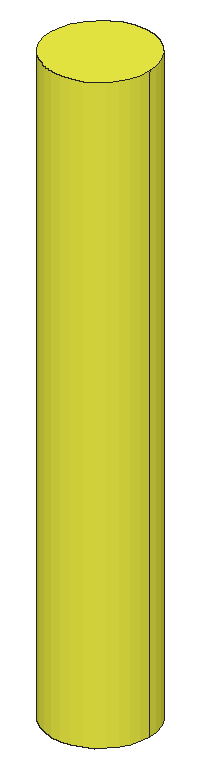
Revit family
Parameters (values of type "150mm 지름")
  재료 = 금속 - 페인트 마감 - 노란색, 무광
Reference planes
  plane 1 "중심(앞/뒤)": y = -75
  plane 2: z = 0
  plane 3 "중심(왼쪽/오른쪽)": x = 1.2
  plane 4: x = 76.2
  plane 5: y = -150
  plane 6: y = 0
  plane 7: x = -73.8
  plane 8: z = 900
Forms (mm)
  Extrusion 1, solid, material "금속 - 페인트 마감 - 노란색, 무광" <- "재료"
    sketch origin (0, 0, 0) x (1, 0, 0) y (0, 1, 0)
      loop
        circle (1.2, -75) r 75
    from 0 to 900
Lines and regions (mm)
  symbolic lines, style "대지 액세서리"
    curve 1: arc (76.2, -75, 0) -> (1.2, 0, 0) -> (-73.8, -75, 0) r 75
    curve 2: arc (-73.8, -75, 0) -> (1.2, -150, 0) -> (76.2, -75, 0) r 75
Dimensions and locks
  locked: plane 7 to plane 4 at 150
  locked: plane 5 to plane 6 at 150
  equal spacing: plane 7, plane 3 "중심(왼쪽/오른쪽)", plane 4
  equal spacing: plane 5, plane 1 "중심(앞/뒤)", plane 6
  locked: plane 8 to plane 2 at 900
  aligned and locked: Extrusion 1 to plane 8
